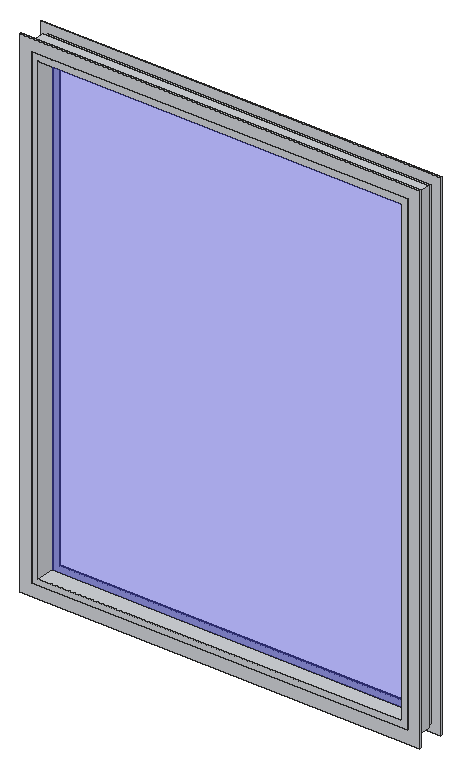
Revit family "8325F_Fixed", category Windows, host Wall, Revit 2023
Family settings
  Host = Wall
  OmniClass Number = 23.30.20.00
  OmniClass Title = Windows
  Always vertical = Yes
  Cut with Voids When Loaded = No
  Shared = No
  Room Calculation Point = No
Parameters
  Height = 5' - 0"
  Glass Material = Glass
  Frame Material = none
  Depth From Exterior = 0' - 1"
  Default Sill Height = 3' - 0"
  Wall Closure = By host
  Width = 4' - 0"
Reference planes (in)
  plane 1 "Center (Front/Back)": y = 0
  plane 2: z = 0
  plane 3 "Center (Left/Right)": x = 0
  plane 4 "Left": x = -24
  plane 5 "Right": x = 24
  plane 6 "Sill": z = 36
  plane 7 "Top": z = 96
  plane 8: y = 2
  plane 9: y = 3
  plane 10: y = -1.25692
  plane 11: y = 0.778
Forms (in)
  Sweep 1, solid
    path origin (0, 0, 0) x (1, 0, 0) y (0, 0, 1)
      loop
        line (24, 36) -> (24, 96) -> (-24, 96) -> (-24, 36) -> (24, 36)
    profile origin (0, 0, 36) x (0, 0, -1) y (0, -1, 0)
      loop
        line (-2.21437, -2) -> (0, -2) -> (0, -1.875) -> (-1.31674, -1.875) -> (-1.31674, -1.74375) -> (-1.25674, -1.68375) -> (-0.98658, -1.68375) -> (-0.98658, -1.36375) -> (-1.25674, -1.36375) -> (-1.31674, -1.30376) -> (-1.31674, -1.15496) -> (-0.82575, -1.15496) -> (-0.82575, 0.41188) -> (-1.16331, 0.41188) -> (-1.16331, 0.62067) -> (-0.98658, 0.62067) -> (-0.98658, 0.94067) -> (-1.16331, 0.94067) -> (-1.16331, 1.13192) -> (0, 1.13192) -> (0, 1.25692) -> (-1.44174, 1.25692) -> (-1.44174, -1.875) -> (-2.21437, -1.875) -> (-2.21437, -2)
  Sweep 2, solid
    path origin (0, 0, 0) x (1, 0, 0) y (0, 0, 1)
      loop
        line (-22.55826, 37.44174) -> (22.55826, 37.44174) -> (22.55826, 94.55826) -> (-22.55826, 94.55826) -> (-22.55826, 37.44174)
    profile origin (0, 0, 37.44174) x (0, 0, 1) y (0, -1, 0)
      loop
        line (0, 1.25692) -> (0, 0.557) -> (0.36086, 0.557) -> (0.36086, -0.51557) -> (0.36086, -0.778) -> (0.75001, -0.778) -> (0.75001, 1.25692) -> (0, 1.25692)
  Sweep 3, solid, material "Glass" <- "Glass Material"
    path origin (0, 0, 0) x (0, 1, 0) y (0, 0, 1)
      loop
        line (1.875, 37.44174) -> (1.875, 94.55826)
    profile origin (0, 1.875, 66) x (0, -1, 0) y (1, 0, 0)
      loop
        line (0, -22.55826) -> (0.25, -22.55826) -> (0.25, 22.55826) -> (0, 22.55826) -> (0, -22.55826)
      loop
        line (0.75, -22.55826) -> (1, -22.55826) -> (1, 22.55826) -> (0.75, 22.55826) -> (0.75, -22.55826)
Lines and regions (in)
  Opening 1
    outline origin (-60, -3, 0) x (1, 0, 0) y (0, 0, 1)
      loop
        line (36, 96) -> (36, 36) -> (84, 36) -> (84, 96) -> (36, 96)
Text (in)
  text "EXTERIOR" at (-58.6888, 50.90694, 0), in view "Ref. Level"
  text "INTERIOR" at (-58.6888, -37.76638, 0), in view "Ref. Level"
  text "Exterior" at (0, 43.65631, 123.19604), in view "Left"
  text "Exterior" at (0, 18.29385, 125.04747), in view "Right"
Dimensions and locks (in)
  equal spacing: plane 4 "Left", plane 3 "Center (Left/Right)", plane 5 "Right"
  "Height": plane 6 "Sill" to plane 7 "Top"
  "Default Sill Height": plane 2 to plane 6 "Sill"
  "Depth From Exterior": plane 9 to plane 8
  "Width": plane 4 "Left" to plane 5 "Right"
  locked: plane 11 to plane 10 at 2.03492
  locked: plane 8 to plane 10 at 3.25692
  aligned and locked: plane 7 "Top" to Opening 1 sketch curve
  aligned and locked: plane 6 "Sill" to Opening 1 sketch curve  (x2)
  aligned and locked: plane 5 "Right" to Opening 1 sketch curve
  aligned and locked: plane 4 "Left" to Opening 1 sketch curve
  aligned and locked: level to plane 2
  aligned and locked: plane 6 "Sill" to Sweep 1 sketch curve
  aligned and locked: plane 4 "Left" to Sweep 1 sketch curve
  aligned and locked: Sweep 1 sketch curve to plane 7 "Top"
  aligned and locked: Sweep 1 sketch curve to plane 5 "Right"
  aligned and locked: Sweep 2 sketch curve to Sweep 1  (x4)
  aligned and locked: Sweep 3 sketch curve to Sweep 1  (x5)
  aligned and locked: plane 9 to host wall
  aligned and locked: plane 8 to Sweep 1
  aligned and locked: plane 10 to Sweep 2
  aligned and locked: plane 10 to Sweep 1
  aligned and locked: plane 11 to Sweep 2
Automatic sketch dimensions
  profile plane to Sweep 1 sketch curve = 0' - 1.44174"
  Sweep 1 sketch curve to Sweep 1 sketch curve = 0' - 0 1/8"  (x3)
  Sweep 1 sketch curve to Sweep 1 sketch curve = 0' - 0"  (x3)
  Sweep 1 sketch curve to Sweep 1 sketch curve = 0' - 0.06"  (x4)
  Sweep 1 sketch curve to Sweep 1 sketch curve = 0' - 0.27842"
  Sweep 1 sketch curve to Sweep 1 sketch curve = 0' - 0.27016"
  Sweep 1 sketch curve to Sweep 1 sketch curve = 0' - 0.17673"
  Sweep 1 sketch curve to Sweep 1 sketch curve = 0' - 0.16083"
  Sweep 1 sketch curve to Sweep 1 sketch curve = 0' - 0.98658"  (x2)
  Sweep 1 sketch curve to plane 1 "Center (Front/Back)" = 0' - 2"
  Sweep 1 sketch curve to Sweep 1 sketch curve = 0' - 0.13125"
  Sweep 1 sketch curve to Sweep 1 sketch curve = 0' - 0.32"  (x2)
  Sweep 1 sketch curve to Sweep 1 sketch curve = 0' - 0.1488"
  Sweep 1 sketch curve to Sweep 1 sketch curve = 0' - 1.56684"
  Sweep 1 sketch curve to Sweep 1 sketch curve = 0' - 0.20879"
  Sweep 1 sketch curve to Sweep 1 sketch curve = 0' - 0.19125"
  Sweep 1 sketch curve to Sweep 1 sketch curve = 0' - 0.77263"
  Sweep 2 sketch curve to profile plane = 0' - 0.36086"
  Sweep 2 sketch curve to Sweep 2 sketch curve = 0' - 0.38914"
  Sweep 2 sketch curve to plane 1 "Center (Front/Back)" = 0' - 0.778"
  Sweep 2 sketch curve to Sweep 2 sketch curve = 0' - 0.26243"
  Sweep 2 sketch curve to Sweep 2 sketch curve = 0' - 1.07257"
  Sweep 2 sketch curve to Sweep 2 sketch curve = 0' - 0.69992"
  Sweep 2 sketch curve to Sweep 2 sketch curve = 0' - 0 3/4"
  Sweep 3 sketch curve to plane 6 "Sill" = 0' - 1.44174"
  plane 7 "Top" to Sweep 3 sketch curve = 0' - 1.44174"
  profile plane to Sweep 3 sketch curve = 0' - 0"
  Sweep 3 sketch curve to Sweep 3 sketch curve = 0' - 0 1/4"  (x2)
  Sweep 3 sketch curve to Sweep 3 sketch curve = 0' - 0 3/4"
